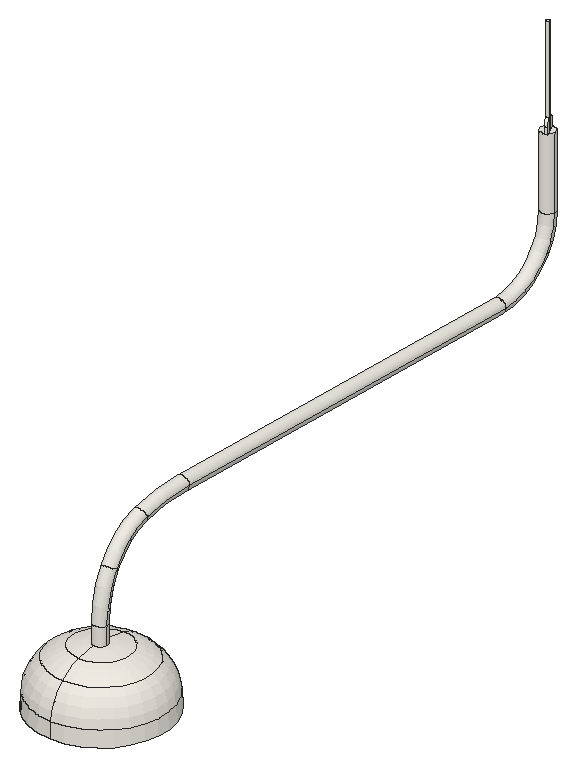
Revit family "Lighting_Pendants_Zero_Curve-Crown", category Lighting Fixtures, Revit 2020
Family settings
  Round Connector Dimension = Use Diameter
  Part Type = Normal
  OmniClass Number = 23.80.70.00
  OmniClass Title = Lighting
  Work Plane-Based = No
  Always vertical = Yes
  Cut with Voids When Loaded = No
  Light Source = Yes
  Shared = No
  Room Calculation Point = No
Parameters (values of type "Curve Crown - 150 White 10W/710LM")
  Wattage = 15.9407 W
  WarrantyStartDate [instance] = "n/a"
  WarrantyGuarantorParts = "n/a"
  WarrantyGuarantorLabor = "n/a"
  WarrantyDurationUnit = "n/a"
  WarrantyDurationParts = "n/a"
  WarrantyDurationLabor = "n/a"
  WarrantyDescription = "n/a"
  built-in parameter 1150110 = 1 (stored number, unit not read)
  VersionDate = "31/08/2023"  # constant formula
  Version = "2"  # constant formula
  Uniclass2015Reference = "Pr_70_70_48_46"
  Uniclass2015Description = "Light-emitting diode (LED) luminaires"
  Uniclass2 = "Pr_70_70_49_43"
  URL = "https://www.zerolighting.com/pendants#/curvecrown-inompe"
  TotalWattage = 10 W
  built-in parameter 1114217 = 1 (stored number, unit not read)
  Tilt Angle = 90.00°
  built-in parameter 1150109 = 1 (stored number, unit not read)
  built-in parameter 1150134 = (empty or 0)
  TagNumber [instance] = "n/a"
  SustainabilityPerformance = "n/a"
  built-in parameter 1150113 = 1 (stored number, unit not read)
  Size = "150x767x288mm"
  Shape = "Sculptured"
  SerialNumber [instance] = "n/a"
  Revision = "1"  # constant formula
  ReplacementCost = "n/a"
  ProductInformation = "n/a"
  ProductDatasheet = "https://www.zerolighting.com/s/Curve-Crown-j54s.pdf"
  Photometric Web File = "Curve-pendant-metalshade-D150-3000K.IES"
  NumberOfSources = 0
  NumberOfPoles = 1
  NominalWidth = 150 mm
  NominalVoltageCalc = 230 V
  NominalVoltage = 230 V
  NominalLength = 741.176 mm
  NominalHeight = 336.539 mm
  NominalFrequencyRange = 50 Hz
  Name = "Zero_Curve-Crown"
  NBSReference = "90-60-50/405"
  NBSDescription = "General purpose luminaires"
  ModelReference = "n/a"
  ModelNumber = "16041101-30"
  Model = "Curve Crown"
  Material = "Aluminium&Steel"
  ManufacturersSpecificInformation = "n/a"
  ManufacturerURL = "https://www.zerolighting.com/"
  ManufacturerName = "Zero"
  Manufacturer = "Zero"
  Lumens = 710 lm
  built-in parameter 1150115 = 1 (stored number, unit not read)
  built-in parameter 1150105 = 274.56 (stored number, unit not read)
  LightType = Curve_Crown-150 : Curve_Crown-150
  LightFixturePlacingType = "Ceilling"
  LightFixtureMountingType = "Suspended"
  LightFixtureMainMaterial = White RAL 9010
  built-in parameter 1150137 = (empty or 0)
  built-in parameter 1150139 = (empty or 0)
  LensMaterial = Mat Acrylic
  built-in parameter 1150112 = 1 (stored number, unit not read)
  built-in parameter 1150114 = 1 (stored number, unit not read)
  InsulationStandardClass = "n/a"
  InstallationDate [instance] = "n/a"
  built-in parameter 1150132 = 2
  built-in parameter 1150102 = (empty or 0)
  built-in parameter 1150138 = (empty or 0)
  built-in parameter 1150107 = 3000 (stored number, unit not read)
  built-in parameter 1150106 = 2.7456 (stored number, unit not read)
  IfcExportType = "NOTDEFINED"  # constant formula
  IfcExportAs = "IfcLightFixtureType"  # constant formula
  IP_Code = "IP 20"
  HasProtectiveEarth = no
  Grade = "n/a"
  Finish = "Painted metal green RAL 6017, white RAL 9010, pigeon blue RAL 5014, ivory RAL 1015. Other colours and combination on request. Diffuser in matt acrlylic."
  Features = "LED info: System power 10W. Luminaire luminous flux see product specification. CCT 3000K. SDCM 3. CRI >90. L70 B10 50.000h.\r\nInstallation: In ceiling hook and 3 m wire.\r\nConnection: DCL-plug or terminal block in ceiling cup."
  ExpectedLife = "50.000h"
  Emit from Circle Diameter = 150 mm
  Emit Shape Visible in Rendering = no
  ElectricalDeviceNominalPower = 10
  built-in parameter 1150104 = 4.1379 (stored number, unit not read)
  DurationUnit = "Hours"
  Dimming Lamp Color Temperature Shift = <None>
  Designer = "Front Design 2022"
  DefaultElevation = 0 mm
  Default Elevation = 0 mm
  Constituents = "n/a"
  Color Filter = 16777215
  Color = "Various"
  Collection = "Curve"
  CodePerformance = "n/a"
  Category = "Luminaires"
  CableLengthControl [instance] = if(CableLength < 100 mm, 100 mm, if(CableLength > 2500 mm, 2500 mm, CableLength))  # 100 mm
  CableLength [instance] = 100 mm
  Brand = "Zero"
  Barcode [instance] = "n/a"
  built-in parameter 1114218 = 1 (stored number, unit not read)
  BIMObjectName = "Lighting_Pendants_Zero_Curve-Crown"  # constant formula
  Author = "BIMStone"  # constant formula
  built-in parameter 1150133 = 10 (stored number, unit not read)
  AssetType = "Fixed"
  AssetIdentifier [instance] = "n/a"
  Article Number = ModelNumber  # "16041101-30"
  AccessibilityPerformance = "n/a"
Types (24, lengths in mm): name | Wattage | Size | Photometric Web File | NominalWidth | NominalLength | NominalHeight | ModelNumber | Lumens | built-in parameter 1150105 | LightType | LightFixtureMainMaterial | built-in parameter 1150106 | Article Number
  Curve Crown - 150 White 10W/710LM | 15.9407 W | "150x767x288mm" | "Curve-pendant-metalshade-D150-3000K.IES" | 150 | 741.176 | 336.539 | "16041101-30" | 710 lm | 274.56 (stored number, unit not read) | Curve_Crown-150 : Curve_Crown-150 | White RAL 9010 | 2.7456 (stored number, unit not read) | "16041101-30"
  Curve Crown - 150 Green 10W/710LM | 15.9407 W | "150x767x288mm" | "Curve-pendant-metalshade-D150-3000K.IES" | 150 | 741.176 | 336.539 | "16041112-30" | 710 lm | 56.5 (stored number, unit not read) | Curve_Crown-150 : Curve_Crown-150 | Green RAL 6017 | 0.565 (stored number, unit not read) | "16041112-30"
  Curve Crown - 150 Pigeon blue 10W/710LM | 15.9407 W | "150x767x288mm" | "Curve-pendant-metalshade-D150-3000K.IES" | 150 | 741.176 | 336.539 | "16041108-30" | 710 lm | 56.5 (stored number, unit not read) | Curve_Crown-150 : Curve_Crown-150 | Pigeon blue RAL 5014 | 0.565 (stored number, unit not read) | "16041108-30"
  Curve Crown - 150 Ivory 10W/710LM | 15.9407 W | "150x767x288mm" | "Curve-pendant-metalshade-D150-3000K.IES" | 150 | 741.176 | 336.539 | "16041146-30" | 710 lm | 56.5 (stored number, unit not read) | Curve_Crown-150 : Curve_Crown-150 | Ivory RAL 1015 | 0.565 (stored number, unit not read) | "16041146-30"
  Curve Crown - 150 Green 10W/710LM DALI | 15.9407 W | "150x767x288mm" | "Curve-pendant-metalshade-D150-3000K.IES" | 150 | 741.176 | 336.539 | "16041112D30" | 710 lm | 56.5 (stored number, unit not read) | Curve_Crown-150 : Curve_Crown-150 | Green RAL 6017 | 0.565 (stored number, unit not read) | "16041112D30"
  Curve Crown - 150 Ivory 10W/710LM DALI | 15.9407 W | "150x767x288mm" | "Curve-pendant-metalshade-D150-3000K.IES" | 150 | 741.176 | 336.539 | "16041146D30" | 710 lm | 56.5 (stored number, unit not read) | Curve_Crown-150 : Curve_Crown-150 | Ivory RAL 1015 | 0.565 (stored number, unit not read) | "16041146D30"
  Curve Crown - 150 Pigeon blue 10W/710LM DALI | 15.9407 W | "150x767x288mm" | "Curve-pendant-metalshade-D150-3000K.IES" | 150 | 741.176 | 336.539 | "16041108D30" | 710 lm | 56.5 (stored number, unit not read) | Curve_Crown-150 : Curve_Crown-150 | Pigeon blue RAL 5014 | 0.565 (stored number, unit not read) | "16041108D30"
  Curve Crown - 150 White 10W/710LM DALI | 15.9407 W | "150x767x288mm" | "Curve-pendant-metalshade-D150-3000K.IES" | 150 | 741.176 | 336.539 | "16041101D30" | 710 lm | 274.56 (stored number, unit not read) | Curve_Crown-150 : Curve_Crown-150 | White RAL 9010 | 2.7456 (stored number, unit not read) | "16041101D30"
  Curve Crown - 200 White 10W/774LM | 17.3776 W | "200x767x314 mm" | "Curve-pendant-metalshade-D200-3000K.IES" | 200 | 767.404 | 359.823 | "16041301-30" | 774 lm | 61.593 (stored number, unit not read) | Curve_Crown-200 : Curve_Crown-200 | White RAL 9010 | 0.61593 (stored number, unit not read) | "16041301-30"
  Curve Crown - 200 Green 10W/774LM | 17.3776 W | "200x767x314 mm" | "Curve-pendant-metalshade-D200-3000K.IES" | 200 | 767.404 | 359.823 | "16041312-30" | 774 lm | 61.593 (stored number, unit not read) | Curve_Crown-200 : Curve_Crown-200 | Green RAL 6017 | 0.61593 (stored number, unit not read) | "16041312-30"
  Curve Crown - 200 Pigeon blue 10W/774LM | 17.3776 W | "200x767x314 mm" | "Curve-pendant-metalshade-D200-3000K.IES" | 200 | 767.404 | 359.823 | "16041308-30" | 774 lm | 61.593 (stored number, unit not read) | Curve_Crown-200 : Curve_Crown-200 | Pigeon blue RAL 5014 | 0.61593 (stored number, unit not read) | "16041308-30"
  Curve Crown - 200 Ivory 10W/774LM | 17.3776 W | "200x767x314 mm" | "Curve-pendant-metalshade-D200-3000K.IES" | 200 | 767.404 | 359.823 | "16041346-30" | 774 lm | 61.593 (stored number, unit not read) | Curve_Crown-200 : Curve_Crown-200 | Ivory RAL 1015 | 0.61593 (stored number, unit not read) | "16041346-30"
  Curve Crown - 200 Green 10W/774LM DALI | 17.3776 W | "200x767x314 mm" | "Curve-pendant-metalshade-D200-3000K.IES" | 200 | 767.404 | 359.823 | "16041312D30" | 774 lm | 61.593 (stored number, unit not read) | Curve_Crown-200 : Curve_Crown-200 | Green RAL 6017 | 0.61593 (stored number, unit not read) | "16041312D30"
  Curve Crown - 200 Ivory 10W/774LM DALI | 17.3776 W | "200x767x314 mm" | "Curve-pendant-metalshade-D200-3000K.IES" | 200 | 767.404 | 359.823 | "16041346D30" | 774 lm | 61.593 (stored number, unit not read) | Curve_Crown-200 : Curve_Crown-200 | Ivory RAL 1015 | 0.61593 (stored number, unit not read) | "16041346D30"
  Curve Crown - 200 Pigeon blue 10W/774LM DALI | 17.3776 W | "200x767x314 mm" | "Curve-pendant-metalshade-D200-3000K.IES" | 200 | 767.404 | 359.823 | "16041308D30" | 774 lm | 61.593 (stored number, unit not read) | Curve_Crown-200 : Curve_Crown-200 | Pigeon blue RAL 5014 | 0.61593 (stored number, unit not read) | "16041308D30"
  Curve Crown - 200 White 10W/774LM DALI | 17.3776 W | "200x767x314 mm" | "Curve-pendant-metalshade-D200-3000K.IES" | 200 | 767.404 | 359.823 | "16041301D30" | 774 lm | 61.593 (stored number, unit not read) | Curve_Crown-200 : Curve_Crown-200 | White RAL 9010 | 0.61593 (stored number, unit not read) | "16041301D30"
  Curve Crown - 300 White 10W/783LM | 17.5797 W | "300x767x360 mm" | "Curve-pendant-metalshade-D300-3000K.IES" | 300 | 817.404 | 408.038 | "16041501-30" | 783 lm | 302.79 (stored number, unit not read) | Curve_Crown-300 : Curve_Crown-300 | White RAL 9010 | 3.0279 (stored number, unit not read) | "16041501-30"
  Curve Crown - 300 Green 10W/783LM | 17.5797 W | "300x767x360 mm" | "Curve-pendant-metalshade-D300-3000K.IES" | 300 | 817.404 | 408.038 | "16041512-30" | 783 lm | 302.79 (stored number, unit not read) | Curve_Crown-300 : Curve_Crown-300 | Green RAL 6017 | 3.0279 (stored number, unit not read) | "16041512-30"
  Curve Crown - 300 Pigeon blue 10W/783LM | 17.5797 W | "300x767x360 mm" | "Curve-pendant-metalshade-D300-3000K.IES" | 300 | 817.404 | 408.038 | "16041508-30" | 783 lm | 302.79 (stored number, unit not read) | Curve_Crown-300 : Curve_Crown-300 | Pigeon blue RAL 5014 | 3.0279 (stored number, unit not read) | "16041508-30"
  Curve Crown - 300 Ivory 10W/783LM | 17.5797 W | "300x767x360 mm" | "Curve-pendant-metalshade-D300-3000K.IES" | 300 | 817.404 | 408.038 | "16041546-30" | 783 lm | 302.79 (stored number, unit not read) | Curve_Crown-300 : Curve_Crown-300 | Ivory RAL 1015 | 3.0279 (stored number, unit not read) | "16041546-30"
  Curve Crown - 300 Green 10W/783LM DALI | 17.5797 W | "300x767x360 mm" | "Curve-pendant-metalshade-D300-3000K.IES" | 300 | 817.404 | 408.038 | "16041512D30" | 783 lm | 302.79 (stored number, unit not read) | Curve_Crown-300 : Curve_Crown-300 | Green RAL 6017 | 3.0279 (stored number, unit not read) | "16041512D30"
  Curve Crown - 300 Ivory 10W/783LM DALI | 17.5797 W | "300x767x360 mm" | "Curve-pendant-metalshade-D300-3000K.IES" | 300 | 817.404 | 408.038 | "16041546D30" | 783 lm | 302.79 (stored number, unit not read) | Curve_Crown-300 : Curve_Crown-300 | Ivory RAL 1015 | 3.0279 (stored number, unit not read) | "16041546D30"
  Curve Crown - 300 Pigeon blue 10W/783LM DALI | 17.5797 W | "300x767x360 mm" | "Curve-pendant-metalshade-D300-3000K.IES" | 300 | 817.404 | 408.038 | "16041508D30" | 783 lm | 302.79 (stored number, unit not read) | Curve_Crown-300 : Curve_Crown-300 | Pigeon blue RAL 5014 | 3.0279 (stored number, unit not read) | "16041508D30"
  Curve Crown - 300 White 10W/783LM DALI | 17.5797 W | "300x767x360 mm" | "Curve-pendant-metalshade-D300-3000K.IES" | 300 | 817.404 | 408.038 | "16041501D30" | 783 lm | 302.79 (stored number, unit not read) | Curve_Crown-300 : Curve_Crown-300 | White RAL 9010 | 3.0279 (stored number, unit not read) | "16041501D30"
Reference planes
  plane 1 "Light Source Axis (F/B)": y = 0
  plane 2: z = 0
  plane 3 "Light Source Axis (L/R)": x = 0
  plane 4 "Light Source Elevation": z = 0
  plane 5: x = -75
  plane 6: x = 75
  plane 7: y = 75
  plane 8: y = -75
  plane 9: z = 336.539
  plane 10: y = 666.176
Dimensions and locks
  equal spacing: plane 5, plane 3 "Light Source Axis (L/R)", plane 6
  "NominalWidth": plane 5 to plane 6
  equal spacing: plane 7, plane 1 "Light Source Axis (F/B)", plane 8
  plane 10 to plane 7 = 591.176 mm
  "NominalLength": plane 10 to plane 8
  "NominalWidth": plane 7 to plane 8
  "NominalHeight": plane 9 to plane 4 "Light Source Elevation"
  aligned and locked: plane 3 "Light Source Axis (L/R)" to imposter light
  aligned and locked: plane 1 "Light Source Axis (F/B)" to imposter light
  aligned and locked: plane 4 "Light Source Elevation" to imposter light
  aligned and locked: level to plane 2
  aligned and locked: plane 3 "Light Source Axis (L/R)" to nested 1
Nested families
  nested 1: "Curve_Crown-150" at (0, 0, 0), Body <- "LightFixtureMainMaterial", Glass <- "LensMaterial", type <- "LightType", Cable <- "LightFixtureMainMaterial", CableLenghtControl <- "CableLengthControl", type "Curve_Crown-150"
    with Glass Mat Acrylic, CableLenghtControl 100 mm, Cable White RAL 9010, Body White RAL 9010
Connectors
  electrical at (0, 667.404, 336.539)
    settings: on plane 9, index 1, voltage 0 V, apparent load 0 VA, apparent load phase1 0 VA, apparent load phase2 0 VA, apparent load phase3 0 VA, power factor 1, load classification "Other", number of poles 1, system type 31, power factor state 1, is connector primary yes, connector utility no, sub classification motor no, connector description ""
Definition of nested family "Curve_Crown-150"
  Parameters (values of type "Curve_Crown-150")
    Glass [instance] = none
    Default Elevation = 0 mm
    CableLenghtControl [instance] = 250 mm
    Cable [instance] = none
    Body [instance] = none
  Reference planes
    plane 1 "Center (Front/Back)": y = 0
    plane 2: z = 0
    plane 3 "Center (Left/Right)": x = 0
    plane 4: y = 666.176
    plane 5: y = -75
    plane 6: x = -75
    plane 7: z = 336.539
    plane 8: through (-2.159, 660.007, 1200) normal (-0.9057, -0.4239, 0)
    plane 9: x = 75
    plane 10: y = 295.588
    plane 11: y = 75
  Forms (mm)
    Revolve 1, solid, material <- "Body", detail levels medium+fine
      sketch origin (0, 0, 0) x (0, 1, 0) y (0, 0, 1)
        loop
          line (-73.999, 0) -> (-73.117, 18.037)
          arc (-73.117, 18.037) -> (-68.216, 37.126) -> (-56.19, 52.74) r 49
          arc (-56.19, 52.74) -> (-45.044, 60.339) -> (-32.472, 65.23) r 59.473
          arc (-32.472, 65.23) -> (-16.372, 68.378) -> (0, 69.432) r 127.563
          line (0, 69.432) -> (0, 70.432)
          arc (0, 70.432) -> (-16.5, 69.369) -> (-32.727, 66.197) r 128.563
          arc (-32.727, 66.197) -> (-45.51, 61.224) -> (-56.843, 53.498) r 60.473
          arc (-56.843, 53.498) -> (-69.115, 37.565) -> (-74.116, 18.086) r 50
          line (-74.116, 18.086) -> (-75, 0) -> (-73.999, 0)
        axis (0, 70.432) -> (0, 0)
      angle from 0 to 360
    Revolve 2, solid, material <- "Glass", detail levels medium+fine
      sketch origin (0, 0, 0) x (0, 1, 0) y (0, 0, 1)
        loop
          line (0, 7) -> (0, 10) -> (-65, 10) -> (-65, 7) -> (0, 7)
        axis (0, 10) -> (0, 7)
      angle from 0 to 360
    Sweep 3, solid, material <- "Body", detail levels medium+fine
      path origin (0, 0, 0) x (0, 1, 0) y (0, 0, 1)
        loop
          line (-9.328, 69.691) -> (-9.328, 90.691)
          arc (-9.328, 90.691) -> (-5.603, 120.118) -> (5.335, 147.69) r 118.122
          arc (5.335, 147.69) -> (26.286, 172.232) -> (55.228, 186.5) r 80
          arc (55.228, 186.5) -> (86.99, 192.334) -> (119.264, 193.463) r 220.394
          line (119.264, 193.463) -> (585.599, 175.569)
          arc (585.599, 175.569) -> (630.968, 192.851) -> (649.976, 237.524) r 62
          line (649.976, 237.524) -> (649.976, 321.539)
      profile origin (0, -9.328, 80.191) x (0, -1, 0) y (1, 0, 0)
        loop
          circle (-8.1, 0) r 8.1
    Extrusion 4, solid, material <- "Body", detail levels medium+fine
      sketch origin (-2.159, 660.007, 1200) x (0.423922, -0.905699, 0) y (0, 0, 1)
        loop
          line (-5.055, -871.461) -> (-5.055, -878.461) -> (10.945, -878.461) -> (10.945, -871.461)
          arc (10.945, -871.461) -> (2.945, -863.461) -> (-5.055, -871.461) r 8
      from 0 to -3.078
    Extrusion 5, solid, material <- "Body", detail levels coarse
      sketch origin (0, 0, 0) x (1, 0, 0) y (0, 1, 0)
        loop
          line (-75, 666.176) -> (-75, -75) -> (75, -75) -> (75, 666.176) -> (-75, 666.176)
      from 0 to 336.539
    Extrusion 6, solid, material <- "Cable"
      sketch origin (-351, -1524, 336.539) x (-1, 0, 0) y (0, -1, 0)
        loop
          circle (-351, -2182.076) r 2
      from -15 to 250 <- "CableLenghtControl"
  Lines and regions (mm)
    symbolic lines, detail levels medium+fine
      curve 1: line (0, 666.176, 237.524) -> (0, 666.176, 328.439)
      curve 2: arc (0, 584.978, 159.381) -> (0, 642.201, 181.178) -> (0, 666.176, 237.524) r 78.2
      curve 3: line (0, 118.643, 177.275) -> (0, 584.978, 159.381)
      curve 4: arc (0, 59.314, 170.824) -> (0, 88.741, 176.229) -> (0, 118.643, 177.275) r 204.194
      curve 5: arc (0, 19.524, 139.873) -> (0, 36.232, 159.445) -> (0, 59.314, 170.824) r 63.8
      curve 6: arc (0, 6.872, 90.691) -> (0, 10.086, 116.083) -> (0, 19.524, 139.873) r 101.922
      curve 7: line (0, 6.872, 70.249) -> (0, 6.872, 90.691)
      curve 8: line (0, -9.328, 70.094) -> (0, -9.328, 90.691)
      curve 9: arc (0, -9.328, 90.691) -> (0, -5.603, 120.118) -> (0, 5.335, 147.69) r 118.122
      curve 10: arc (0, 5.335, 147.69) -> (0, 26.286, 172.232) -> (0, 55.228, 186.5) r 80
      curve 11: arc (0, 55.228, 186.5) -> (0, 86.99, 192.334) -> (0, 119.264, 193.463) r 220.394
      curve 12: line (0, 119.264, 193.463) -> (0, 585.599, 175.569)
      curve 13: arc (0, 585.599, 175.569) -> (0, 630.968, 192.851) -> (0, 649.976, 237.524) r 62
      curve 14: line (0, 649.976, 237.524) -> (0, 649.976, 328.439)
      curve 15: arc (0, -32.727, 66.197) -> (0, -21.117, 68.686) -> (0, -9.328, 70.094) r 128.563
      curve 16: arc (0, -56.843, 53.498) -> (0, -45.51, 61.224) -> (0, -32.727, 66.197) r 60.473
      curve 17: arc (0, -74.116, 18.086) -> (0, -69.115, 37.565) -> (0, -56.843, 53.498) r 50
      curve 18: line (0, -75, 0) -> (0, -74.116, 18.086)
      curve 19: line (0, -75, 0) -> (0, 0, 0)
      curve 20: arc (0, 32.727, 66.197) -> (0, 19.903, 68.883) -> (0, 6.872, 70.249) r 128.563
      curve 21: arc (0, 56.843, 53.498) -> (0, 45.51, 61.224) -> (0, 32.727, 66.197) r 60.473
      curve 22: arc (0, 74.116, 18.086) -> (0, 69.115, 37.565) -> (0, 56.843, 53.498) r 50
      curve 23: line (0, 75, 0) -> (0, 74.116, 18.086)
      curve 24: line (0, 75, 0) -> (0, 0, 0)
      curve 26: arc (32.727, 0, 66.197) -> (45.51, 0, 61.224) -> (56.843, 0, 53.498) r 60.473
      curve 27: arc (56.843, 0, 53.498) -> (69.115, 0, 37.565) -> (74.116, 0, 18.086) r 50
      curve 28: line (74.116, 0, 18.086) -> (75, 0, 0)
      curve 29: line (0, 0, 0) -> (75, 0, 0)
      curve 30: line (8.1, 0, 70.177) -> (8.1, 0, 321.539)
      curve 31: line (8.1, 0, 321.539) -> (5.268, 0, 321.539)
      curve 32: line (-4.302, 0, 328.539) -> (-4.302, 0, 321.539)
      curve 33: spline (-0.911, 0, 336.539) -> (-1.354, 0, 336.471) -> (-1.789, 0, 336.267) -> (-2.209, 0, 335.93) -> (-2.607, 0, 335.467) -> (-2.976, 0, 334.886) -> (-3.309, 0, 334.196) -> (-3.602, 0, 333.409) -> (-3.848, 0, 332.539) -> (-4.044, 0, 331.601) -> (-4.187, 0, 330.61) -> (-4.273, 0, 329.583) -> (-4.302, 0, 328.539)
      curve 34: spline (1.876, 0, 336.539) -> (2.319, 0, 336.471) -> (2.754, 0, 336.267) -> (3.174, 0, 335.93) -> (3.572, 0, 335.467) -> (3.941, 0, 334.886) -> (4.274, 0, 334.196) -> (4.567, 0, 333.409) -> (4.813, 0, 332.539) -> (5.01, 0, 331.601) -> (5.152, 0, 330.61) -> (5.239, 0, 329.583) -> (5.268, 0, 328.539)
      curve 35: line (5.268, 0, 328.539) -> (5.268, 0, 321.539)
      curve 36: line (-0.911, 0, 336.539) -> (1.876, 0, 336.539)
      curve 38: arc (-32.727, 0, 66.197) -> (-45.51, 0, 61.224) -> (-56.843, 0, 53.498) r 60.473
      curve 39: arc (-56.843, 0, 53.498) -> (-69.115, 0, 37.565) -> (-74.116, 0, 18.086) r 50
      curve 40: line (-74.116, 0, 18.086) -> (-75, 0, 0)
      curve 41: line (0, 0, 0) -> (-75, 0, 0)
      curve 42: line (-8.1, 0, 70.177) -> (-8.1, 0, 321.539)
      curve 43: line (-8.1, 0, 321.539) -> (-4.302, 0, 321.539)
      curve 44: arc (8.1, 0, 70.177) -> (20.51, 0, 68.786) -> (32.727, 0, 66.197) r 128.563
      curve 45: arc (-8.1, 0, 70.177) -> (-20.51, 0, 68.786) -> (-32.727, 0, 66.197) r 128.563
      curve 48: arc (0, 649.976, 328.439) -> (0, 658.076, 336.539) -> (0, 666.176, 328.439) r 8.1
      curve 53: line (8.1, 658.076, 0) -> (8.1, 74.561, 0)
      curve 54: arc (0, 666.176, 0) -> (5.728, 663.804, 0) -> (8.1, 658.076, 0) r 8.1
      curve 55: line (-8.1, 658.076, 0) -> (-8.1, 74.561, 0)
      curve 56: arc (0, 666.176, 0) -> (-5.728, 663.804, 0) -> (-8.1, 658.076, 0) r 8.1
      curve 57: arc (-8.1, 74.561, 0) -> (0, -75, 0) -> (8.1, 74.561, 0) r 75
    symbolic lines, detail levels fine
      curve 25: arc (0, 0, 70.432) -> (4.052, 0, 70.369) -> (8.1, 0, 70.177) r 128.563
      curve 37: arc (0, 0, 70.432) -> (-4.052, 0, 70.369) -> (-8.1, 0, 70.177) r 128.563
      curve 46: line (5.268, 0, 321.539) -> (0, 0, 321.539)
      curve 47: line (-4.302, 0, 321.539) -> (0, 0, 321.539)
      curve 49: line (0, 649.976, 321.539) -> (0, 666.176, 321.539)
      curve 50: arc (0, 6.872, 70.249) -> (0, 3.437, 70.387) -> (0, 0, 70.432) r 128.563
      curve 51: arc (0, -9.328, 70.094) -> (0, -4.667, 70.348) -> (0, 0, 70.432) r 128.563
      curve 52: arc (8.1, 74.561, 0) -> (0, 75, 0) -> (-8.1, 74.561, 0) r 75
      curve 58: circle (0, 0, 0) r 74 normal (0, 0, 1)
      curve 59: circle (0, 0, 0) r 65 normal (0, 0, 1)
    symbolic lines
      curve 60: line (0, 660.076, 586.539) -> (0, 656.076, 586.539)
      curve 61: line (0, 660.076, 586.539) -> (0, 660.076, 336.539)
      curve 62: line (0, 656.076, 586.539) -> (0, 656.076, 336.539)
      curve 63: line (2, 0, 586.539) -> (-2, 0, 586.539)
      curve 64: line (-2, 0, 586.539) -> (-2, 0, 336.539)
      curve 65: line (2, 0, 586.539) -> (2, 0, 336.539)
  Dimensions and locks
    aligned and locked: level to plane 2
    aligned and locked: curve 60 to Extrusion 6
    aligned and locked: curve 63 to Extrusion 6
